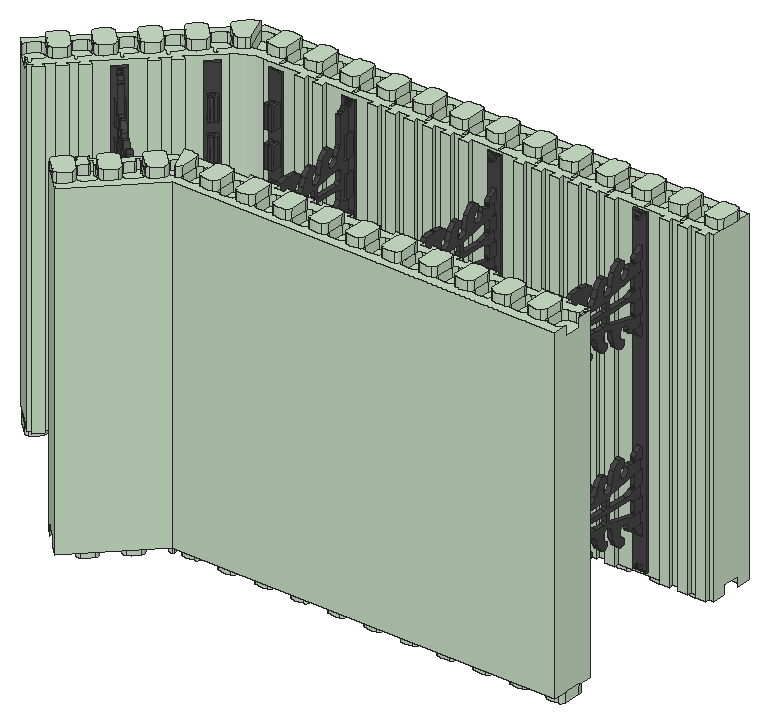
Revit family "ICF- NUDURA 8-inch- 45 Degree Form Unit- Imperial", category Generic Models, Revit 2011 (continued)
Forms (in)
  Extrusion 49, void
    sketch origin (9.58579, -1, 0) x (-0.707107, -0.707107, 0) y (0.707107, -0.707107, 0)
      loop
        arc (-1.7399, 7.12384) -> (-1.64938, 7.14456) -> (-1.57267, 7.19688) r 0.25
        line (-1.57267, 7.19688) -> (-0.92131, 7.84824)
        arc (-0.92131, 7.84824) -> (-0.85114, 7.98608) -> (-0.87549, 8.13883) r 0.25
        arc (-0.87549, 8.13883) -> (-1.07021, 8.40645) -> (-1.33783, 8.60117) r 1.0625
    from 0 to 0.5
  Extrusion 50, void
    sketch origin (11.58579, -1, 0) x (-0.707107, -0.707107, 0) y (0.707107, -0.707107, 0)
      loop
        arc (-1.33783, 8.60117) -> (-1.49058, 8.62552) -> (-1.62842, 8.55535) r 0.25
        line (-1.62842, 8.55535) -> (-2.27978, 7.90399)
        arc (-2.27978, 7.90399) -> (-2.34995, 7.76615) -> (-2.32559, 7.6134) r 0.25
        arc (-2.32559, 7.6134) -> (-2.18471, 7.40379) -> (-1.99833, 7.23335) r 1.0625
        arc (-1.99833, 7.23335) -> (-1.97244, 7.18765) -> (-1.99053, 7.13835) r 0.0625
        line (-1.99053, 7.13835) -> (-2.14723, 6.98165) -> (-2.02643, 6.86086) -> (-1.78171, 7.10558)
        arc (-1.78171, 7.10558) -> (-1.76253, 7.11866) -> (-1.7399, 7.12384) r 0.0625
        arc (-1.7399, 7.12384) -> (-1.64938, 7.14456) -> (-1.57267, 7.19688) r 0.25
        line (-1.57267, 7.19688) -> (-0.92131, 7.84824)
        arc (-0.92131, 7.84824) -> (-0.85114, 7.98608) -> (-0.87549, 8.13883) r 0.25
        arc (-0.87549, 8.13883) -> (-1.07021, 8.40645) -> (-1.33783, 8.60117) r 1.0625
    from 0 to 0.5
  Extrusion 51, void
    sketch origin (13.58579, -1, 0) x (-0.707107, -0.707107, 0) y (0.707107, -0.707107, 0)
      loop
        arc (-1.33783, 8.60117) -> (-1.49058, 8.62552) -> (-1.62842, 8.55535) r 0.25
        line (-1.62842, 8.55535) -> (-2.27978, 7.90399)
        arc (-2.27978, 7.90399) -> (-2.34995, 7.76615) -> (-2.32559, 7.6134) r 0.25
        arc (-2.32559, 7.6134) -> (-2.18471, 7.40379) -> (-1.99833, 7.23335) r 1.0625
        arc (-1.99833, 7.23335) -> (-1.97244, 7.18765) -> (-1.99053, 7.13835) r 0.0625
        line (-1.99053, 7.13835) -> (-2.14723, 6.98165) -> (-2.02643, 6.86086) -> (-1.78171, 7.10558)
        arc (-1.78171, 7.10558) -> (-1.76253, 7.11866) -> (-1.7399, 7.12384) r 0.0625
        arc (-1.7399, 7.12384) -> (-1.64938, 7.14456) -> (-1.57267, 7.19688) r 0.25
        line (-1.57267, 7.19688) -> (-0.92131, 7.84824)
        arc (-0.92131, 7.84824) -> (-0.85114, 7.98608) -> (-0.87549, 8.13883) r 0.25
        arc (-0.87549, 8.13883) -> (-1.07021, 8.40645) -> (-1.33783, 8.60117) r 1.0625
    from 0 to 0.5
  Extrusion 52, void
    sketch origin (15.58579, -1, 0) x (-0.707107, -0.707107, 0) y (0.707107, -0.707107, 0)
      loop
        arc (-1.33783, 8.60117) -> (-1.49058, 8.62552) -> (-1.62842, 8.55535) r 0.25
        line (-1.62842, 8.55535) -> (-2.27978, 7.90399)
        arc (-2.27978, 7.90399) -> (-2.34995, 7.76615) -> (-2.32559, 7.6134) r 0.25
        arc (-2.32559, 7.6134) -> (-2.18471, 7.40379) -> (-1.99833, 7.23335) r 1.0625
        arc (-1.99833, 7.23335) -> (-1.97244, 7.18765) -> (-1.99053, 7.13835) r 0.0625
        line (-1.99053, 7.13835) -> (-2.14723, 6.98165) -> (-2.02643, 6.86086) -> (-1.78171, 7.10558)
        arc (-1.78171, 7.10558) -> (-1.76253, 7.11866) -> (-1.7399, 7.12384) r 0.0625
        arc (-1.7399, 7.12384) -> (-1.64938, 7.14456) -> (-1.57267, 7.19688) r 0.25
        line (-1.57267, 7.19688) -> (-0.92131, 7.84824)
        arc (-0.92131, 7.84824) -> (-0.85114, 7.98608) -> (-0.87549, 8.13883) r 0.25
        arc (-0.87549, 8.13883) -> (-1.07021, 8.40645) -> (-1.33783, 8.60117) r 1.0625
    from 0 to 0.5
  Extrusion 53, void
    sketch origin (29.98781, 1, 0) x (0.707107, 0.707107, 0) y (-0.707107, 0.707107, 0)
      loop
        arc (-1.33783, 8.60117) -> (-1.49058, 8.62552) -> (-1.62842, 8.55535) r 0.25
        line (-1.62842, 8.55535) -> (-2.27978, 7.90399)
        arc (-2.27978, 7.90399) -> (-2.34995, 7.76615) -> (-2.32559, 7.6134) r 0.25
        arc (-2.32559, 7.6134) -> (-2.18471, 7.40379) -> (-1.99833, 7.23335) r 1.0625
        arc (-1.99833, 7.23335) -> (-1.97244, 7.18765) -> (-1.99053, 7.13835) r 0.0625
        line (-1.99053, 7.13835) -> (-2.14723, 6.98165) -> (-2.02643, 6.86086) -> (-1.78171, 7.10558)
        arc (-1.78171, 7.10558) -> (-1.76253, 7.11866) -> (-1.7399, 7.12384) r 0.0625
        arc (-1.7399, 7.12384) -> (-1.64938, 7.14456) -> (-1.57267, 7.19688) r 0.25
        line (-1.57267, 7.19688) -> (-0.92131, 7.84824)
        arc (-0.92131, 7.84824) -> (-0.85114, 7.98608) -> (-0.87549, 8.13883) r 0.25
        arc (-0.87549, 8.13883) -> (-1.07021, 8.40645) -> (-1.33783, 8.60117) r 1.0625
    from 0 to 0.5
  Extrusion 54, void
    sketch origin (27.98781, 1, 0) x (0.707107, 0.707107, 0) y (-0.707107, 0.707107, 0)
      loop
        arc (-1.33783, 8.60117) -> (-1.49058, 8.62552) -> (-1.62842, 8.55535) r 0.25
        line (-1.62842, 8.55535) -> (-2.27978, 7.90399)
        arc (-2.27978, 7.90399) -> (-2.34995, 7.76615) -> (-2.32559, 7.6134) r 0.25
        arc (-2.32559, 7.6134) -> (-2.18471, 7.40379) -> (-1.99833, 7.23335) r 1.0625
        arc (-1.99833, 7.23335) -> (-1.97244, 7.18765) -> (-1.99053, 7.13835) r 0.0625
        line (-1.99053, 7.13835) -> (-2.14723, 6.98165) -> (-2.02643, 6.86086) -> (-1.78171, 7.10558)
        arc (-1.78171, 7.10558) -> (-1.76253, 7.11866) -> (-1.7399, 7.12384) r 0.0625
        arc (-1.7399, 7.12384) -> (-1.64938, 7.14456) -> (-1.57267, 7.19688) r 0.25
        line (-1.57267, 7.19688) -> (-0.92131, 7.84824)
        arc (-0.92131, 7.84824) -> (-0.85114, 7.98608) -> (-0.87549, 8.13883) r 0.25
        arc (-0.87549, 8.13883) -> (-1.07021, 8.40645) -> (-1.33783, 8.60117) r 1.0625
    from 0 to 0.5
  Extrusion 55, void
    sketch origin (25.98781, 1, 0) x (0.707107, 0.707107, 0) y (-0.707107, 0.707107, 0)
      loop
        arc (-1.33783, 8.60117) -> (-1.49058, 8.62552) -> (-1.62842, 8.55535) r 0.25
        line (-1.62842, 8.55535) -> (-2.27978, 7.90399)
        arc (-2.27978, 7.90399) -> (-2.34995, 7.76615) -> (-2.32559, 7.6134) r 0.25
        arc (-2.32559, 7.6134) -> (-2.18471, 7.40379) -> (-1.99833, 7.23335) r 1.0625
        arc (-1.99833, 7.23335) -> (-1.97244, 7.18765) -> (-1.99053, 7.13835) r 0.0625
        line (-1.99053, 7.13835) -> (-2.14723, 6.98165) -> (-2.02643, 6.86086) -> (-1.78171, 7.10558)
        arc (-1.78171, 7.10558) -> (-1.76253, 7.11866) -> (-1.7399, 7.12384) r 0.0625
        arc (-1.7399, 7.12384) -> (-1.64938, 7.14456) -> (-1.57267, 7.19688) r 0.25
        line (-1.57267, 7.19688) -> (-0.92131, 7.84824)
        arc (-0.92131, 7.84824) -> (-0.85114, 7.98608) -> (-0.87549, 8.13883) r 0.25
        arc (-0.87549, 8.13883) -> (-1.07021, 8.40645) -> (-1.33783, 8.60117) r 1.0625
    from 0 to 0.5
  Extrusion 56, void
    sketch origin (23.98781, 1, 0) x (0.707107, 0.707107, 0) y (-0.707107, 0.707107, 0)
      loop
        arc (-1.33783, 8.60117) -> (-1.49058, 8.62552) -> (-1.62842, 8.55535) r 0.25
        line (-1.62842, 8.55535) -> (-2.27978, 7.90399)
        arc (-2.27978, 7.90399) -> (-2.34995, 7.76615) -> (-2.32559, 7.6134) r 0.25
        arc (-2.32559, 7.6134) -> (-2.18471, 7.40379) -> (-1.99833, 7.23335) r 1.0625
        arc (-1.99833, 7.23335) -> (-1.97244, 7.18765) -> (-1.99053, 7.13835) r 0.0625
        line (-1.99053, 7.13835) -> (-2.14723, 6.98165) -> (-2.02643, 6.86086) -> (-1.78171, 7.10558)
        arc (-1.78171, 7.10558) -> (-1.76253, 7.11866) -> (-1.7399, 7.12384) r 0.0625
        arc (-1.7399, 7.12384) -> (-1.64938, 7.14456) -> (-1.57267, 7.19688) r 0.25
        line (-1.57267, 7.19688) -> (-0.92131, 7.84824)
        arc (-0.92131, 7.84824) -> (-0.85114, 7.98608) -> (-0.87549, 8.13883) r 0.25
        arc (-0.87549, 8.13883) -> (-1.07021, 8.40645) -> (-1.33783, 8.60117) r 1.0625
    from 0 to 0.5
  Extrusion 57, void
    sketch origin (21.98781, 1, 0) x (0.707107, 0.707107, 0) y (-0.707107, 0.707107, 0)
      loop
        arc (-1.33783, 8.60117) -> (-1.49058, 8.62552) -> (-1.62842, 8.55535) r 0.25
        line (-1.62842, 8.55535) -> (-2.27978, 7.90399)
        arc (-2.27978, 7.90399) -> (-2.34995, 7.76615) -> (-2.32559, 7.6134) r 0.25
        arc (-2.32559, 7.6134) -> (-2.18471, 7.40379) -> (-1.99833, 7.23335) r 1.0625
        arc (-1.99833, 7.23335) -> (-1.97244, 7.18765) -> (-1.99053, 7.13835) r 0.0625
        line (-1.99053, 7.13835) -> (-2.14723, 6.98165) -> (-2.02643, 6.86086) -> (-1.78171, 7.10558)
        arc (-1.78171, 7.10558) -> (-1.76253, 7.11866) -> (-1.7399, 7.12384) r 0.0625
        arc (-1.7399, 7.12384) -> (-1.64938, 7.14456) -> (-1.57267, 7.19688) r 0.25
        line (-1.57267, 7.19688) -> (-0.92131, 7.84824)
        arc (-0.92131, 7.84824) -> (-0.85114, 7.98608) -> (-0.87549, 8.13883) r 0.25
        arc (-0.87549, 8.13883) -> (-1.07021, 8.40645) -> (-1.33783, 8.60117) r 1.0625
    from 0 to 0.5
  Extrusion 58, void
    sketch origin (19.98781, 1, 0) x (0.707107, 0.707107, 0) y (-0.707107, 0.707107, 0)
      loop
        arc (-1.33783, 8.60117) -> (-1.49058, 8.62552) -> (-1.62842, 8.55535) r 0.25
        line (-1.62842, 8.55535) -> (-2.27978, 7.90399)
        arc (-2.27978, 7.90399) -> (-2.34995, 7.76615) -> (-2.32559, 7.6134) r 0.25
        arc (-2.32559, 7.6134) -> (-2.18471, 7.40379) -> (-1.99833, 7.23335) r 1.0625
        arc (-1.99833, 7.23335) -> (-1.97244, 7.18765) -> (-1.99053, 7.13835) r 0.0625
        line (-1.99053, 7.13835) -> (-2.14723, 6.98165) -> (-2.02643, 6.86086) -> (-1.78171, 7.10558)
        arc (-1.78171, 7.10558) -> (-1.76253, 7.11866) -> (-1.7399, 7.12384) r 0.0625
        arc (-1.7399, 7.12384) -> (-1.64938, 7.14456) -> (-1.57267, 7.19688) r 0.25
        line (-1.57267, 7.19688) -> (-0.92131, 7.84824)
        arc (-0.92131, 7.84824) -> (-0.85114, 7.98608) -> (-0.87549, 8.13883) r 0.25
        arc (-0.87549, 8.13883) -> (-1.07021, 8.40645) -> (-1.33783, 8.60117) r 1.0625
    from 0 to 0.5
  Extrusion 59, void
    sketch origin (17.98781, 1, 0) x (0.707107, 0.707107, 0) y (-0.707107, 0.707107, 0)
      loop
        arc (-1.33783, 8.60117) -> (-1.49058, 8.62552) -> (-1.62842, 8.55535) r 0.25
        line (-1.62842, 8.55535) -> (-2.27978, 7.90399)
        arc (-2.27978, 7.90399) -> (-2.34995, 7.76615) -> (-2.32559, 7.6134) r 0.25
        arc (-2.32559, 7.6134) -> (-2.18471, 7.40379) -> (-1.99833, 7.23335) r 1.0625
        arc (-1.99833, 7.23335) -> (-1.97244, 7.18765) -> (-1.99053, 7.13835) r 0.0625
        line (-1.99053, 7.13835) -> (-2.14723, 6.98165) -> (-2.02643, 6.86086) -> (-1.78171, 7.10558)
        arc (-1.78171, 7.10558) -> (-1.76253, 7.11866) -> (-1.7399, 7.12384) r 0.0625
        arc (-1.7399, 7.12384) -> (-1.64938, 7.14456) -> (-1.57267, 7.19688) r 0.25
        line (-1.57267, 7.19688) -> (-0.92131, 7.84824)
        arc (-0.92131, 7.84824) -> (-0.85114, 7.98608) -> (-0.87549, 8.13883) r 0.25
        arc (-0.87549, 8.13883) -> (-1.07021, 8.40645) -> (-1.33783, 8.60117) r 1.0625
    from 0 to 0.5
  Extrusion 60, void
    sketch origin (15.98781, 1, 0) x (0.707107, 0.707107, 0) y (-0.707107, 0.707107, 0)
      loop
        arc (-1.33783, 8.60117) -> (-1.49058, 8.62552) -> (-1.62842, 8.55535) r 0.25
        line (-1.62842, 8.55535) -> (-2.27978, 7.90399)
        arc (-2.27978, 7.90399) -> (-2.34995, 7.76615) -> (-2.32559, 7.6134) r 0.25
        arc (-2.32559, 7.6134) -> (-2.18471, 7.40379) -> (-1.99833, 7.23335) r 1.0625
        arc (-1.99833, 7.23335) -> (-1.97244, 7.18765) -> (-1.99053, 7.13835) r 0.0625
        line (-1.99053, 7.13835) -> (-2.14723, 6.98165) -> (-2.02643, 6.86086) -> (-1.78171, 7.10558)
        arc (-1.78171, 7.10558) -> (-1.76253, 7.11866) -> (-1.7399, 7.12384) r 0.0625
        arc (-1.7399, 7.12384) -> (-1.64938, 7.14456) -> (-1.57267, 7.19688) r 0.25
        line (-1.57267, 7.19688) -> (-0.92131, 7.84824)
        arc (-0.92131, 7.84824) -> (-0.85114, 7.98608) -> (-0.87549, 8.13883) r 0.25
        arc (-0.87549, 8.13883) -> (-1.07021, 8.40645) -> (-1.33783, 8.60117) r 1.0625
    from 0 to 0.5
  Extrusion 61, void
    sketch origin (13.98781, 1, 0) x (0.707107, 0.707107, 0) y (-0.707107, 0.707107, 0)
      loop
        arc (-1.33783, 8.60117) -> (-1.49058, 8.62552) -> (-1.62842, 8.55535) r 0.25
        line (-1.62842, 8.55535) -> (-2.27978, 7.90399)
        arc (-2.27978, 7.90399) -> (-2.34995, 7.76615) -> (-2.32559, 7.6134) r 0.25
        arc (-2.32559, 7.6134) -> (-2.18471, 7.40379) -> (-1.99833, 7.23335) r 1.0625
        arc (-1.99833, 7.23335) -> (-1.97244, 7.18765) -> (-1.99053, 7.13835) r 0.0625
        line (-1.99053, 7.13835) -> (-2.14723, 6.98165) -> (-2.02643, 6.86086) -> (-1.78171, 7.10558)
        arc (-1.78171, 7.10558) -> (-1.76253, 7.11866) -> (-1.7399, 7.12384) r 0.0625
        arc (-1.7399, 7.12384) -> (-1.64938, 7.14456) -> (-1.57267, 7.19688) r 0.25
        line (-1.57267, 7.19688) -> (-0.92131, 7.84824)
        arc (-0.92131, 7.84824) -> (-0.85114, 7.98608) -> (-0.87549, 8.13883) r 0.25
        arc (-0.87549, 8.13883) -> (-1.07021, 8.40645) -> (-1.33783, 8.60117) r 1.0625
    from 0 to 0.5
  Extrusion 62, void
    sketch origin (11.98781, 1, 0) x (0.707107, 0.707107, 0) y (-0.707107, 0.707107, 0)
      loop
        arc (-1.33783, 8.60117) -> (-1.49058, 8.62552) -> (-1.62842, 8.55535) r 0.25
        line (-1.62842, 8.55535) -> (-2.27978, 7.90399)
        arc (-2.27978, 7.90399) -> (-2.34995, 7.76615) -> (-2.32559, 7.6134) r 0.25
        arc (-2.32559, 7.6134) -> (-2.18471, 7.40379) -> (-1.99833, 7.23335) r 1.0625
        arc (-1.99833, 7.23335) -> (-1.97244, 7.18765) -> (-1.99053, 7.13835) r 0.0625
        line (-1.99053, 7.13835) -> (-2.14723, 6.98165) -> (-2.02643, 6.86086) -> (-1.78171, 7.10558)
        arc (-1.78171, 7.10558) -> (-1.76253, 7.11866) -> (-1.7399, 7.12384) r 0.0625
        arc (-1.7399, 7.12384) -> (-1.64938, 7.14456) -> (-1.57267, 7.19688) r 0.25
        line (-1.57267, 7.19688) -> (-0.92131, 7.84824)
        arc (-0.92131, 7.84824) -> (-0.85114, 7.98608) -> (-0.87549, 8.13883) r 0.25
        arc (-0.87549, 8.13883) -> (-1.07021, 8.40645) -> (-1.33783, 8.60117) r 1.0625
    from 0 to 0.5
  Extrusion 63, void
    sketch origin (9.98781, 1, 0) x (0.707107, 0.707107, 0) y (-0.707107, 0.707107, 0)
      loop
        arc (-1.33783, 8.60117) -> (-1.49058, 8.62552) -> (-1.62842, 8.55535) r 0.25
        line (-1.62842, 8.55535) -> (-2.27978, 7.90399)
        arc (-2.27978, 7.90399) -> (-2.34995, 7.76615) -> (-2.32559, 7.6134) r 0.25
        arc (-2.32559, 7.6134) -> (-2.18471, 7.40379) -> (-1.99833, 7.23335) r 1.0625
        arc (-1.99833, 7.23335) -> (-1.97244, 7.18765) -> (-1.99053, 7.13835) r 0.0625
        line (-1.99053, 7.13835) -> (-2.14723, 6.98165) -> (-2.02643, 6.86086) -> (-1.78171, 7.10558)
        arc (-1.78171, 7.10558) -> (-1.76253, 7.11866) -> (-1.7399, 7.12384) r 0.0625
        arc (-1.7399, 7.12384) -> (-1.64938, 7.14456) -> (-1.57267, 7.19688) r 0.25
        line (-1.57267, 7.19688) -> (-0.92131, 7.84824)
        arc (-0.92131, 7.84824) -> (-0.85114, 7.98608) -> (-0.87549, 8.13883) r 0.25
        arc (-0.87549, 8.13883) -> (-1.07021, 8.40645) -> (-1.33783, 8.60117) r 1.0625
    from 0 to 0.5
  Extrusion 64, void
    sketch origin (7.98781, 1, 0) x (0.707107, 0.707107, 0) y (-0.707107, 0.707107, 0)
      loop
        arc (-1.33783, 8.60117) -> (-1.49058, 8.62552) -> (-1.62842, 8.55535) r 0.25
        line (-1.62842, 8.55535) -> (-2.27978, 7.90399)
        arc (-2.27978, 7.90399) -> (-2.34995, 7.76615) -> (-2.32559, 7.6134) r 0.25
        arc (-2.32559, 7.6134) -> (-2.18471, 7.40379) -> (-1.99833, 7.23335) r 1.0625
        arc (-1.99833, 7.23335) -> (-1.97244, 7.18765) -> (-1.99053, 7.13835) r 0.0625
        line (-1.99053, 7.13835) -> (-2.14723, 6.98165) -> (-2.02643, 6.86086) -> (-1.78171, 7.10558)
        arc (-1.78171, 7.10558) -> (-1.76253, 7.11866) -> (-1.7399, 7.12384) r 0.0625
        arc (-1.7399, 7.12384) -> (-1.64938, 7.14456) -> (-1.57267, 7.19688) r 0.25
        line (-1.57267, 7.19688) -> (-0.92131, 7.84824)
        arc (-0.92131, 7.84824) -> (-0.85114, 7.98608) -> (-0.87549, 8.13883) r 0.25
        arc (-0.87549, 8.13883) -> (-1.07021, 8.40645) -> (-1.33783, 8.60117) r 1.0625
    from 0 to 0.5
  Extrusion 65, void
    sketch origin (5.98781, 1, 0) x (0.707107, 0.707107, 0) y (-0.707107, 0.707107, 0)
      loop
        arc (-1.33783, 8.60117) -> (-1.49058, 8.62552) -> (-1.62842, 8.55535) r 0.25
        line (-1.62842, 8.55535) -> (-2.27978, 7.90399)
        arc (-2.27978, 7.90399) -> (-2.34995, 7.76615) -> (-2.32559, 7.6134) r 0.25
        arc (-2.32559, 7.6134) -> (-2.18471, 7.40379) -> (-1.99833, 7.23335) r 1.0625
        arc (-1.99833, 7.23335) -> (-1.97244, 7.18765) -> (-1.99053, 7.13835) r 0.0625
        line (-1.99053, 7.13835) -> (-2.14723, 6.98165) -> (-2.02643, 6.86086) -> (-1.78171, 7.10558)
        arc (-1.78171, 7.10558) -> (-1.76253, 7.11866) -> (-1.7399, 7.12384) r 0.0625
        arc (-1.7399, 7.12384) -> (-1.64938, 7.14456) -> (-1.57267, 7.19688) r 0.25
        line (-1.57267, 7.19688) -> (-0.92131, 7.84824)
        arc (-0.92131, 7.84824) -> (-0.85114, 7.98608) -> (-0.87549, 8.13883) r 0.25
        arc (-0.87549, 8.13883) -> (-1.07021, 8.40645) -> (-1.33783, 8.60117) r 1.0625
    from 0 to 0.5
  Extrusion 66, void
    sketch origin (3.82843, 5.24264, 0) x (0, 1, 0) y (-1, 0, 0)
      loop
        arc (-1.33783, 8.60117) -> (-1.49058, 8.62552) -> (-1.62842, 8.55535) r 0.25
        line (-1.62842, 8.55535) -> (-2.27978, 7.90399)
        arc (-2.27978, 7.90399) -> (-2.34995, 7.76615) -> (-2.32559, 7.6134) r 0.25
        arc (-2.32559, 7.6134) -> (-2.18471, 7.40379) -> (-1.99833, 7.23335) r 1.0625
        arc (-1.99833, 7.23335) -> (-1.97244, 7.18765) -> (-1.99053, 7.13835) r 0.0625
        line (-1.99053, 7.13835) -> (-2.14723, 6.98165) -> (-2.02643, 6.86086) -> (-1.78171, 7.10558)
        arc (-1.78171, 7.10558) -> (-1.76253, 7.11866) -> (-1.7399, 7.12384) r 0.0625
        arc (-1.7399, 7.12384) -> (-1.64938, 7.14456) -> (-1.57267, 7.19688) r 0.25
        line (-1.57267, 7.19688) -> (-0.92131, 7.84824)
        arc (-0.92131, 7.84824) -> (-0.85114, 7.98608) -> (-0.87549, 8.13883) r 0.25
        arc (-0.87549, 8.13883) -> (-1.07021, 8.40645) -> (-1.33783, 8.60117) r 1.0625
    from 0 to 0.5
  Extrusion 67, void
    sketch origin (2.41421, 3.82843, 0) x (0, 1, 0) y (-1, 0, 0)
      loop
        arc (-1.33783, 8.60117) -> (-1.49058, 8.62552) -> (-1.62842, 8.55535) r 0.25
        line (-1.62842, 8.55535) -> (-2.27978, 7.90399)
        arc (-2.27978, 7.90399) -> (-2.34995, 7.76615) -> (-2.32559, 7.6134) r 0.25
        arc (-2.32559, 7.6134) -> (-2.18471, 7.40379) -> (-1.99833, 7.23335) r 1.0625
        arc (-1.99833, 7.23335) -> (-1.97244, 7.18765) -> (-1.99053, 7.13835) r 0.0625
        line (-1.99053, 7.13835) -> (-2.14723, 6.98165) -> (-2.02643, 6.86086) -> (-1.78171, 7.10558)
        arc (-1.78171, 7.10558) -> (-1.76253, 7.11866) -> (-1.7399, 7.12384) r 0.0625
        arc (-1.7399, 7.12384) -> (-1.64938, 7.14456) -> (-1.57267, 7.19688) r 0.25
        line (-1.57267, 7.19688) -> (-0.92131, 7.84824)
        arc (-0.92131, 7.84824) -> (-0.85114, 7.98608) -> (-0.87549, 8.13883) r 0.25
        arc (-0.87549, 8.13883) -> (-1.07021, 8.40645) -> (-1.33783, 8.60117) r 1.0625
    from 0 to 0.5
  Extrusion 68, void
    sketch origin (1, 2.41421, 0) x (0, 1, 0) y (-1, 0, 0)
      loop
        arc (-1.33783, 8.60117) -> (-1.49058, 8.62552) -> (-1.62842, 8.55535) r 0.25
        line (-1.62842, 8.55535) -> (-2.27978, 7.90399)
        arc (-2.27978, 7.90399) -> (-2.34995, 7.76615) -> (-2.32559, 7.6134) r 0.25
        arc (-2.32559, 7.6134) -> (-2.18471, 7.40379) -> (-1.99833, 7.23335) r 1.0625
        arc (-1.99833, 7.23335) -> (-1.97244, 7.18765) -> (-1.99053, 7.13835) r 0.0625
        line (-1.99053, 7.13835) -> (-2.14723, 6.98165) -> (-2.02643, 6.86086) -> (-1.78171, 7.10558)
        arc (-1.78171, 7.10558) -> (-1.76253, 7.11866) -> (-1.7399, 7.12384) r 0.0625
        arc (-1.7399, 7.12384) -> (-1.64938, 7.14456) -> (-1.57267, 7.19688) r 0.25
        line (-1.57267, 7.19688) -> (-0.92131, 7.84824)
        arc (-0.92131, 7.84824) -> (-0.85114, 7.98608) -> (-0.87549, 8.13883) r 0.25
        arc (-0.87549, 8.13883) -> (-1.07021, 8.40645) -> (-1.33783, 8.60117) r 1.0625
    from 0 to 0.5
  Extrusion 69, void
    sketch origin (-0.41421, 1, 0) x (0, 1, 0) y (-1, 0, 0)
      loop
        arc (-1.33783, 8.60117) -> (-1.49058, 8.62552) -> (-1.62842, 8.55535) r 0.25
        line (-1.62842, 8.55535) -> (-2.27978, 7.90399)
        arc (-2.27978, 7.90399) -> (-2.34995, 7.76615) -> (-2.32559, 7.6134) r 0.25
        arc (-2.32559, 7.6134) -> (-2.18471, 7.40379) -> (-1.99833, 7.23335) r 1.0625
        arc (-1.99833, 7.23335) -> (-1.97244, 7.18765) -> (-1.99053, 7.13835) r 0.0625
        line (-1.99053, 7.13835) -> (-2.14723, 6.98165) -> (-2.02643, 6.86086) -> (-1.78171, 7.10558)
        arc (-1.78171, 7.10558) -> (-1.76253, 7.11866) -> (-1.7399, 7.12384) r 0.0625
        arc (-1.7399, 7.12384) -> (-1.64938, 7.14456) -> (-1.57267, 7.19688) r 0.25
        line (-1.57267, 7.19688) -> (-0.92131, 7.84824)
        arc (-0.92131, 7.84824) -> (-0.85114, 7.98608) -> (-0.87549, 8.13883) r 0.25
        arc (-0.87549, 8.13883) -> (-1.07021, 8.40645) -> (-1.33783, 8.60117) r 1.0625
    from 0 to 0.5
Cuts and joins
  Extrusion 6, Extrusion 7, Extrusion 8, Extrusion 9, Extrusion 10, Extrusion 11, Extrusion 12, Extrusion 13, Extrusion 14, Extrusion 15, Extrusion 16, Extrusion 17, Extrusion 18, Extrusion 19, Extrusion 20, Extrusion 21, Extrusion 22, Extrusion 23, Extrusion 24, Extrusion 25, Extrusion 26, Extrusion 27, Extrusion 28, Extrusion 29, Extrusion 30, Extrusion 31, Extrusion 32, Extrusion 33, Extrusion 34, Extrusion 35, Extrusion 36, Extrusion 37, Extrusion 38, Extrusion 39, Extrusion 40, Extrusion 41, Extrusion 42, Extrusion 43, Extrusion 44, Extrusion 45, Extrusion 46, Extrusion 47, Extrusion 48, Extrusion 49, Extrusion 50, Extrusion 51, Extrusion 52, Extrusion 53, Extrusion 54, Extrusion 55, Extrusion 56, Extrusion 57, Extrusion 58, Extrusion 59, Extrusion 60, Extrusion 61, Extrusion 62, Extrusion 63, Extrusion 64, Extrusion 65, Extrusion 66, Extrusion 67, Extrusion 68, Extrusion 69 cuts Extrusion 1
  Extrusion 9, Extrusion 36 cuts Extrusion 2
  Extrusion 35, Extrusion 37 cuts Extrusion 3
  Extrusion 38, Extrusion 43 cuts Extrusion 5
  Extrusion 39, Extrusion 65, Extrusion 66 cuts Extrusion 4
Lines and regions (in)
  model lines
    curve 1: line (7.7868, 6.625, 18) -> (7.7868, 6.625, 0)
Dimensions and locks (in)
  locked: plane 5 to plane 4 at 8
  locked: plane 8 to plane 6 at 8
  locked: level to plane 9 at 18
  aligned and locked: plane 9 to Extrusion 1
  aligned and locked: Extrusion 1 to plane 9  (x3)
  aligned and locked: Extrusion 1 to level
  aligned and locked: plane 2 to level
  aligned and locked: level to Extrusion 1  (x2)
  aligned and locked: nested 68 to cut or joined group 1 (Extrusion 1, Extrusion 6, Extrusion 7, Extrusion 8, Extrusion 9, Extrusion 10, Extrusion 11, Extrusion 12, Extrusion 13, Extrusion 14, Extrusion 15, Extrusion 16, Extrusion 17, Extrusion 18, Extrusion 19, Extrusion 20, Extrusion 21, Extrusion 22, Extrusion 23, Extrusion 24, Extrusion 25, Extrusion 26, Extrusion 27, Extrusion 28, Extrusion 29, Extrusion 30, Extrusion 31, Extrusion 32, Extrusion 33, Extrusion 34, Extrusion 35, Extrusion 36, Extrusion 37, Extrusion 38, Extrusion 39, Extrusion 40, Extrusion 41, Extrusion 42, Extrusion 43, Extrusion 44, Extrusion 45, Extrusion 46, Extrusion 47, Extrusion 48, Extrusion 49, Extrusion 50, Extrusion 51, Extrusion 52, Extrusion 53, Extrusion 54, Extrusion 55, Extrusion 56, Extrusion 57, Extrusion 58, Extrusion 59, Extrusion 60, Extrusion 61, Extrusion 62, Extrusion 63, Extrusion 64, Extrusion 65, Extrusion 66, Extrusion 67, Extrusion 68, Extrusion 69)
  aligned and locked: cut or joined group 1 to nested 69
  aligned and locked: cut or joined group 1 to nested 70
  aligned and locked: nested 71 to nested 67
  aligned and locked: nested 72 to cut or joined group 1
  aligned and locked: Extrusion 36 sketch curve to cut or joined group of Extrusion 2, Extrusion 9, Extrusion 36
  aligned and locked: Extrusion 5 sketch curve to cut or joined group of Extrusion 2, Extrusion 9, Extrusion 36
  aligned and locked: Extrusion 38 sketch curve to cut or joined group of Extrusion 2, Extrusion 9, Extrusion 36
  aligned and locked: nested 64 to nested 68
  aligned and locked: nested 69 to nested 66
  aligned and locked: nested 67 to cut or joined group 1
  aligned and locked: nested 62 to cut or joined group 1
  aligned and locked: nested 61 to cut or joined group 1
  aligned and locked: cut or joined group 1 to nested 65
  aligned and locked: cut or joined group 1 to nested 73
  aligned and locked: nested 76 to cut or joined group 1
  aligned and locked: nested 63 to cut or joined group 1
Nested families (in)
  nested 1: "Interlock Tooth" at (21.7868, -1, 0), type "Interlock Tooth"
  nested 2: "Interlock Tooth" at (19.7868, -1, 0), type "Interlock Tooth"
  nested 3: "Interlock Tooth" at (17.7868, -1, 0), type "Interlock Tooth"
  nested 4: "Interlock Tooth" at (15.7868, -1, 0), type "Interlock Tooth"
  nested 5: "Interlock Tooth" at (13.7868, -1, 0), type "Interlock Tooth"
  nested 6: "Interlock Tooth" at (11.7868, -1, 0), type "Interlock Tooth"
  nested 7: "Interlock Tooth" at (9.7868, -1, 0), type "Interlock Tooth"
  nested 8: "Interlock Tooth" at (7.7868, -1, 0), type "Interlock Tooth"
  nested 9: "Interlock Tooth" at (5.7868, -1, 0), type "Interlock Tooth"
  nested 10: "Interlock Tooth" at (3.7868, -1, 0), type "Interlock Tooth"
  nested 11: "Interlock Tooth" at (-1.97056, -3.38478, 0) x (0.7071, 0.7071, 0) z (0, 0, 1), type "Interlock Tooth"
  nested 12: "Interlock Tooth" at (-3.38478, -4.79899, 0) x (0.7071, 0.7071, 0) z (0, 0, 1), type "Interlock Tooth"
  nested 13: "Interlock Tooth" at (-4.79899, -6.2132, 0) x (0.7071, 0.7071, 0) z (0, 0, 1), type "Interlock Tooth"
  nested 14: "Interlock Tooth" at (22.7868, 1, 0), type "Interlock Tooth"
  nested 15: "Interlock Tooth" at (20.7868, 1, 0), type "Interlock Tooth"
  nested 16: "Interlock Tooth" at (18.7868, 1, 0), type "Interlock Tooth"
  nested 17: "Interlock Tooth" at (16.7868, 1, 0), type "Interlock Tooth"
  nested 18: "Interlock Tooth" at (14.7868, 1, 0), type "Interlock Tooth"
  nested 19: "Interlock Tooth" at (12.7868, 1, 0), type "Interlock Tooth"
  nested 20: "Interlock Tooth" at (10.7868, 1, 0), type "Interlock Tooth"
  nested 21: "Interlock Tooth" at (8.7868, 1, 0), type "Interlock Tooth"
  nested 22: "Interlock Tooth" at (6.7868, 1, 0), type "Interlock Tooth"
  nested 23: "Interlock Tooth" at (4.7868, 1, 0), type "Interlock Tooth"
  nested 24: "Interlock Tooth" at (2.7868, 1, 0), type "Interlock Tooth"
  nested 25: "Interlock Tooth" at (0.7868, 1, 0), type "Interlock Tooth"
  nested 26: "Interlock Tooth" at (-1.2132, 1, 0), type "Interlock Tooth"
  nested 27: "Interlock Tooth" at (-1.26346, 0.15076, 0) x (0.7071, 0.7071, 0) z (0, 0, 1), type "Interlock Tooth"
  nested 28: "Interlock Tooth" at (-2.67767, -1.26346, 0) x (0.7071, 0.7071, 0) z (0, 0, 1), type "Interlock Tooth"
  nested 29: "Interlock Tooth" at (-4.09188, -2.67767, 0) x (0.7071, 0.7071, 0) z (0, 0, 1), type "Interlock Tooth"
  nested 30: "Interlock Tooth" at (-5.5061, -4.09188, 0) x (0.7071, 0.7071, 0) z (0, 0, 1), type "Interlock Tooth"
  nested 31: "Interlock Tooth" at (-4.09188, -5.5061, -18.5) x (0.7071, 0.7071, 0) z (0, 0, 1), type "Interlock Tooth"
  nested 32: "Interlock Tooth" at (-2.67767, -4.09188, -18.5) x (0.7071, 0.7071, 0) z (0, 0, 1), type "Interlock Tooth"
  nested 33: "Interlock Tooth" at (-12.48878, 1.47658, -18.5) x (0.7071, 0.7071, 0) z (0, 0, 1), type "Interlock Tooth"
  nested 34: "Interlock Tooth" at (-11.07456, 2.8908, -18.5) x (0.7071, 0.7071, 0) z (0, 0, 1), type "Interlock Tooth"
  nested 35: "Interlock Tooth" at (-9.66035, 4.30501, -18.5) x (0.7071, 0.7071, 0) z (0, 0, 1), type "Interlock Tooth"
  nested 36: "Interlock Tooth" at (-8.24614, 5.71922, -18.5) x (0.7071, 0.7071, 0) z (0, 0, 1), type "Interlock Tooth"
  nested 37: "Interlock Tooth" at (-6.83192, 7.13344, -18.5) x (0.7071, 0.7071, 0) z (0, 0, 1), type "Interlock Tooth"
  nested 38: "Interlock Tooth" at (0.7868, 1, -18.5) x (-1, 0, 0) z (0, 0, 1), type "Interlock Tooth"
  nested 39: "Interlock Tooth" at (2.7868, 1, -18.5) x (-1, 0, 0) z (0, 0, 1), type "Interlock Tooth"
  nested 40: "Interlock Tooth" at (4.7868, 1, -18.5) x (-1, 0, 0) z (0, 0, 1), type "Interlock Tooth"
  nested 41: "Interlock Tooth" at (6.7868, 1, -18.5) x (-1, 0, 0) z (0, 0, 1), type "Interlock Tooth"
  nested 42: "Interlock Tooth" at (8.7868, 1, -18.5) x (-1, 0, 0) z (0, 0, 1), type "Interlock Tooth"
  nested 43: "Interlock Tooth" at (10.7868, 1, -18.5) x (-1, 0, 0) z (0, 0, 1), type "Interlock Tooth"
  nested 44: "Interlock Tooth" at (12.7868, 1, -18.5) x (-1, 0, 0) z (0, 0, 1), type "Interlock Tooth"
  nested 45: "Interlock Tooth" at (14.7868, 1, -18.5) x (-1, 0, 0) z (0, 0, 1), type "Interlock Tooth"
  nested 46: "Interlock Tooth" at (16.7868, 1, -18.5) x (-1, 0, 0) z (0, 0, 1), type "Interlock Tooth"
  nested 47: "Interlock Tooth" at (18.7868, 1, -18.5) x (-1, 0, 0) z (0, 0, 1), type "Interlock Tooth"
  nested 48: "Interlock Tooth" at (20.7868, 1, -18.5) x (-1, 0, 0) z (0, 0, 1), type "Interlock Tooth"
  nested 49: "Interlock Tooth" at (22.7868, 1, -18.5) x (-1, 0, 0) z (0, 0, 1), type "Interlock Tooth"
  nested 50: "Interlock Tooth" at (23.7868, -1, -18.5) x (-1, 0, 0) z (0, 0, 1), type "Interlock Tooth"
  nested 51: "Interlock Tooth" at (21.7868, -1, -18.5) x (-1, 0, 0) z (0, 0, 1), type "Interlock Tooth"
  nested 52: "Interlock Tooth" at (19.7868, -1, -18.5) x (-1, 0, 0) z (0, 0, 1), type "Interlock Tooth"
  nested 53: "Interlock Tooth" at (17.7868, -1, -18.5) x (-1, 0, 0) z (0, 0, 1), type "Interlock Tooth"
  nested 54: "Interlock Tooth" at (15.7868, -1, -18.5) x (-1, 0, 0) z (0, 0, 1), type "Interlock Tooth"
  nested 55: "Interlock Tooth" at (13.7868, -1, -18.5) x (-1, 0, 0) z (0, 0, 1), type "Interlock Tooth"
  nested 56: "Interlock Tooth" at (11.7868, -1, -18.5) x (-1, 0, 0) z (0, 0, 1), type "Interlock Tooth"
  nested 57: "Interlock Tooth" at (9.7868, -1, -18.5) x (-1, 0, 0) z (0, 0, 1), type "Interlock Tooth"
  nested 58: "Interlock Tooth" at (7.7868, -1, -18.5) x (-1, 0, 0) z (0, 0, 1), type "Interlock Tooth"
  nested 59: "Interlock Tooth" at (5.7868, -1, -18.5) x (-1, 0, 0) z (0, 0, 1), type "Interlock Tooth"
  nested 60: "Interlock Tooth" at (3.7868, -1, -18.5) x (-1, 0, 0) z (0, 0, 1), type "Interlock Tooth"
  nested 61: "Capture Lugs" at (-0.2132, 1, 0) x (-1, 0, 0) z (0, 0, 1), type "Capture Lugs"
  nested 62: "Capture Lugs" at (-0.55635, 0.85786, 0) x (-0.7071, -0.7071, 0) z (0, 0, 1), type "Capture Lugs"
  nested 63: "NUDURA Diamond Pattern" at (15.7868, -1, 0), type "NUDURA Diamond Pattern"
  nested 64: "NUDURA Diamond Pattern" at (-0.2132, -1, 0), type "NUDURA Diamond Pattern"
  nested 65: "NUDURA Diamond Pattern" at (15.7868, 1, 0), type "NUDURA Diamond Pattern"
  nested 66: "NUDURA Diamond Pattern" at (7.7868, 1, 0), type "NUDURA Diamond Pattern"
  nested 67: "NUDURA Logo Diamond" at (1.12122, 10.49038, 0) x (-0.7071, -0.7071, 0) z (0, 0, 1), type "NUDURA Logo Diamond"
  nested 68: "NUDURA Logo Diamond" at (-0.21064, -6.625, 0), type "NUDURA Logo Diamond"
  nested 69: "NUDURA Logo Diamond Missing Outside Line" at (15.78423, 6.625, 0) x (-1, 0, 0) z (0, 0, 1), type "NUDURA Logo Diamond without Outside Line"
  nested 70: "NUDURA Diamond Pattern Missing Two Lines" at (-4.2132, 12.25, 0), type "NUDURA Diamond Pattern minus Two lines"
  nested 71: "NUDURA Diamond Pattern Missing Two Lines" at (2.27208, 3.68629, 0) x (-0.7071, -0.7071, 0) z (0, 0, 1), type "NUDURA Diamond Pattern minus Two lines"
  nested 72: "NUDURA Diamond Pattern Missing Two Lines" at (-4.79899, -6.2132, 0) x (0.7071, 0.7071, 0) z (0, 0, 1), type "NUDURA Diamond Pattern minus Two lines"
  nested 73: "8-inch Web" at (19.7868, 0, 0), type "8-inch Web"
  nested 74: "8-inch Web" at (11.7868, 0, 0), type "8-inch Web"
  nested 75: "8-inch Insert Web" at (-2.67767, -2.67767, 0) x (0.7071, 0.7071, 0) z (0, 0, 1), type "8-inch Insert Web"
  nested 76: "8-inch Insert Web" at (3.7868, 0, 0), type "8-inch Insert Web"
Definition of nested family "Interlock Tooth"
  Reference planes (in)
    plane 1 "Center (Front/Back)": y = 0
    plane 2: z = 0
    plane 3 "Center (Left/Right)": x = 0
    plane 4: z = 18
    plane 5: z = 18.5
    plane 6: z = -0.5
  Forms (in)
    Extrusion 1, solid, material "NUDURA Expanded Polystyrene Foam Insulation"
      sketch origin (0, -8.875, 0) x (1, 0, 0) y (0, 1, 0)
        loop
          arc (0, 3.97692) -> (0.04785, 3.82983) -> (0.17308, 3.73905) r 0.25
          arc (0.17308, 3.73905) -> (0.5, 3.6875) -> (0.82692, 3.73905) r 1.0625
          arc (0.82692, 3.73905) -> (0.95215, 3.82983) -> (1, 3.97692) r 0.25
          line (1, 3.97692) -> (1, 4.89808)
          arc (1, 4.89808) -> (0.95215, 5.04517) -> (0.82692, 5.13595) r 0.25
          arc (0.82692, 5.13595) -> (0.5, 5.1875) -> (0.17308, 5.13595) r 1.0625
          arc (0.17308, 5.13595) -> (0.04785, 5.04517) -> (0, 4.89808) r 0.25
          line (0, 4.89808) -> (0, 3.97692)
      from 18 to 18.5
  Dimensions and locks (in)
    locked: plane 4 to level at 18
    locked: plane 4 to plane 5 at 0.5
    locked: plane 6 to level at 0.5
Definition of nested family "Capture Lugs"
  Reference planes (in)
    plane 1 "Center (Front/Back)": y = 0
    plane 2: z = 0
    plane 3 "Center (Left/Right)": x = 0
  Forms (in)
    Extrusion 1, solid, material "High Density Polystyrene"
      sketch origin (0, 0, 0) x (0, 1, 0) y (0, 0, 1)
        loop
          arc (-3.25, 0) -> (-3.22112, 0.01975) -> (-3.21, 0.05292) r 0.055
          line (-3.21, 0.05292) -> (-3.21, 17.69292)
          arc (-3.21, 17.69292) -> (-3.22112, 17.72608) -> (-3.25, 17.74583) r 0.055
          line (-3.25, 17.74583) -> (-3.25, 0)
      from 0.36328 to -0.36328
    Extrusion 2, solid, material "High Density Polystyrene"
      sketch origin (0, 0, 0) x (0, 1, 0) y (0, 0, 1)
        loop
          line (-3.21, 16.17792) -> (-3.21, 14.97792) -> (-2.71, 14.97792) -> (-2.71, 16.17792) -> (-3.21, 16.17792)
        loop
          line (-3.21, 14.22792) -> (-3.21, 13.02792) -> (-2.71, 13.02792) -> (-2.71, 14.22792) -> (-3.21, 14.22792)
        loop
          line (-3.21, 12.27792) -> (-3.21, 11.07792) -> (-2.71, 11.07792) -> (-2.71, 12.27792) -> (-3.21, 12.27792)
        loop
          line (-3.21, 10.32792) -> (-3.21, 9.24792) -> (-2.71, 9.24792) -> (-2.71, 10.32792) -> (-3.21, 10.32792)
        loop
          line (-3.21, 8.49792) -> (-3.21, 7.41792) -> (-2.71, 7.41792) -> (-2.71, 8.49792) -> (-3.21, 8.49792)
        loop
          line (-3.21, 6.66792) -> (-3.21, 5.46792) -> (-2.71, 5.46792) -> (-2.71, 6.66792) -> (-3.21, 6.66792)
        loop
          line (-3.21, 4.71792) -> (-3.21, 3.51792) -> (-2.71, 3.51792) -> (-2.71, 4.71792) -> (-3.21, 4.71792)
        loop
          line (-3.21, 2.76792) -> (-3.21, 1.56792) -> (-2.71, 1.56792) -> (-2.71, 2.76792) -> (-3.21, 2.76792)
      from 0.25 to -0.25
    Extrusion 3, void
      sketch origin (0, 0, 0) x (1, 0, 0) y (0, 1, 0)
        loop
          arc (-0.25, -2.79249) -> (-0.22584, -2.73416) -> (-0.1675, -2.71) r 0.0825
          line (-0.1675, -2.71) -> (-0.25, -2.71) -> (-0.25, -2.79249)
      from 0 to 18
    Extrusion 4, void
      sketch origin (0, 0, 0) x (-1, 0, 0) y (0, -1, 0)
        loop
          line (-0.25, 2.79249) -> (-0.25, 2.71) -> (-0.1675, 2.71)
          arc (-0.1675, 2.71) -> (-0.22584, 2.73416) -> (-0.25, 2.79249) r 0.0825
      from 0 to 18
    Extrusion 5, void
      sketch origin (0, 0, 0) x (1, 0, 0) y (0, 1, 0)
        loop
          arc (-0.04687, -2.835) -> (0, -3.07587) -> (0.04688, -2.835) r 0.125
          line (0.04688, -2.835) -> (0.04688, -2.71) -> (-0.04687, -2.71) -> (-0.04687, -2.835)
      from 0 to 18
  Cuts and joins
    Extrusion 3, Extrusion 4 cuts Extrusion 1
    Extrusion 3, Extrusion 4, Extrusion 5 cuts Extrusion 2
Definition of nested family "8-inch Web"
  Reference planes (in)
    plane 1 "Center (Front/Back)": y = 0
    plane 2: z = 0
    plane 3 "Center (Left/Right)": x = 0
  Forms (in)
    Extrusion 1, solid, material "Polypropylene"
      sketch origin (0, 0, -0.5) x (0, 1, 0) y (0, 0, 1)
        loop
          arc (4.185, 0.98503) -> (4.17874, 0.9705) -> (4.16389, 0.96506) r 0.02
          line (4.16389, 0.96506) -> (4.00611, 0.97383)
          arc (4.00611, 0.97383) -> (3.99126, 0.96839) -> (3.985, 0.95386) r 0.02
          line (3.985, 0.95386) -> (3.985, 0.88265)
          arc (3.985, 0.88265) -> (3.98914, 0.86744) -> (4.00043, 0.85643) r 0.03
          line (4.00043, 0.85643) -> (4.16957, 0.76246)
          arc (4.16957, 0.76246) -> (4.18086, 0.75145) -> (4.185, 0.73624) r 0.03
          line (4.185, 0.73624) -> (4.185, 0.98503)
        loop
          line (-4.185, 0.98503) -> (-4.185, 0.73624)
          arc (-4.185, 0.73624) -> (-4.18086, 0.75145) -> (-4.16957, 0.76246) r 0.03
          line (-4.16957, 0.76246) -> (-4.00043, 0.85643)
          arc (-4.00043, 0.85643) -> (-3.98914, 0.86744) -> (-3.985, 0.88265) r 0.03
          line (-3.985, 0.88265) -> (-3.985, 0.95386)
          arc (-3.985, 0.95386) -> (-3.99126, 0.96839) -> (-4.00611, 0.97383) r 0.02
          line (-4.00611, 0.97383) -> (-4.16389, 0.96506)
          arc (-4.16389, 0.96506) -> (-4.17874, 0.9705) -> (-4.185, 0.98503) r 0.02
        loop
          line (4.02082, 15.41943) -> (4.02082, 15.9194) -> (3.91022, 15.9194) -> (3.91022, 15.98943) -> (4.15332, 15.98943)
          arc (4.15332, 15.98943) -> (4.16974, 15.98724) -> (4.185, 15.98081) r 0.0625
          line (4.185, 15.98081) -> (4.185, 16.6537)
          arc (4.185, 16.6537) -> (4.06705, 16.47067) -> (3.88249, 16.35513) r 0.5
          arc (3.88249, 16.35513) -> (3.7617, 16.26377) -> (3.71582, 16.11943) r 0.25
          line (3.71582, 16.11943) -> (3.71582, 16.05193)
          arc (3.71582, 16.05193) -> (3.73413, 16.00774) -> (3.77832, 15.98943) r 0.0625
          line (3.77832, 15.98943) -> (3.83556, 15.98943) -> (3.83556, 15.9194) -> (3.72137, 15.9194)
          arc (3.72137, 15.9194) -> (3.54907, 15.94401) -> (3.38367, 15.9982) r 0.99729
          arc (3.38367, 15.9982) -> (3.28181, 15.9763) -> (3.25886, 15.87467) r 0.09677
          arc (3.25886, 15.87467) -> (2.80729, 15.53425) -> (2.82496, 16.09948) r 0.31353
          arc (2.82496, 16.09948) -> (2.94751, 16.38546) -> (2.66153, 16.50801) r 0.22
          arc (2.66153, 16.50801) -> (2.42388, 16.35527) -> (2.26931, 16.11881) r 0.67666
          arc (2.26931, 16.11881) -> (2.18004, 15.8095) -> (2.13361, 15.49094) r 2.36477
          arc (2.13361, 15.49094) -> (1.64814, 15.24396) -> (1.68267, 15.78755) r 0.31353
          arc (1.68267, 15.78755) -> (1.7612, 16.07491) -> (1.47916, 16.17081) r 0.21738
          arc (1.47916, 16.17081) -> (1.27447, 16.01742) -> (1.13325, 15.80415) r 0.74993
          line (1.13325, 15.80415) -> (0.99061, 15.41731)
          arc (0.99061, 15.41731) -> (0.48493, 15.24918) -> (0.55907, 15.7769) r 0.31353
          arc (0.55907, 15.7769) -> (0.73529, 16.04091) -> (0.53596, 16.28794) r 0.26801
          arc (0.53596, 16.28794) -> (0.30102, 16.3352) -> (0.06182, 16.35) r 1.75402
          arc (0.06182, 16.35) -> (0.03091, 16.34993) -> (0, 16.34932) r 1.75402
          arc (0, 16.34932) -> (-0.03091, 16.34993) -> (-0.06182, 16.35) r 1.75402
          arc (-0.06182, 16.35) -> (-0.30102, 16.3352) -> (-0.53596, 16.28794) r 1.75402
          arc (-0.53596, 16.28794) -> (-0.73529, 16.04091) -> (-0.55907, 15.7769) r 0.26801
          arc (-0.55907, 15.7769) -> (-0.48493, 15.24918) -> (-0.99061, 15.41731) r 0.31353
          line (-0.99061, 15.41731) -> (-1.13325, 15.80415)
          arc (-1.13325, 15.80415) -> (-1.27447, 16.01742) -> (-1.47916, 16.17081) r 0.74993
          arc (-1.47916, 16.17081) -> (-1.7612, 16.07491) -> (-1.68267, 15.78755) r 0.21738
          arc (-1.68267, 15.78755) -> (-1.64814, 15.24396) -> (-2.13361, 15.49094) r 0.31353
          arc (-2.13361, 15.49094) -> (-2.18004, 15.8095) -> (-2.26931, 16.11881) r 2.36477
          arc (-2.26931, 16.11881) -> (-2.42388, 16.35527) -> (-2.66153, 16.50801) r 0.67666
          arc (-2.66153, 16.50801) -> (-2.94751, 16.38546) -> (-2.82496, 16.09948) r 0.22
          arc (-2.82496, 16.09948) -> (-2.80729, 15.53425) -> (-3.25886, 15.87467) r 0.31353
          arc (-3.25886, 15.87467) -> (-3.28181, 15.9763) -> (-3.38367, 15.9982) r 0.09677
          arc (-3.38367, 15.9982) -> (-3.54907, 15.94401) -> (-3.72137, 15.9194) r 0.99729
          line (-3.72137, 15.9194) -> (-3.83556, 15.9194) -> (-3.83556, 15.98943) -> (-3.77832, 15.98943)
          arc (-3.77832, 15.98943) -> (-3.73413, 16.00774) -> (-3.71582, 16.05193) r 0.0625
          line (-3.71582, 16.05193) -> (-3.71582, 16.11943)
          arc (-3.71582, 16.11943) -> (-3.7617, 16.26377) -> (-3.88249, 16.35513) r 0.25
          arc (-3.88249, 16.35513) -> (-4.06705, 16.47067) -> (-4.185, 16.6537) r 0.5
          line (-4.185, 16.6537) -> (-4.185, 15.98081)
          arc (-4.185, 15.98081) -> (-4.16974, 15.98724) -> (-4.15332, 15.98943) r 0.0625
          line (-4.15332, 15.98943) -> (-3.91022, 15.98943) -> (-3.91022, 15.9194) -> (-4.02082, 15.9194) -> (-4.02082, 15.41943) -> (-3.91022, 15.41943) -> (-3.91022, 15.34943) -> (-4.1225, 15.34943)
          arc (-4.1225, 15.34943) -> (-4.16669, 15.36774) -> (-4.185, 15.41193) r 0.0625
          line (-4.185, 15.41193) -> (-4.185, 14.62693)
          arc (-4.185, 14.62693) -> (-4.16669, 14.67112) -> (-4.1225, 14.68943) r 0.0625
          line (-4.1225, 14.68943) -> (-3.91022, 14.68943) -> (-3.91022, 14.61943) -> (-4.02082, 14.61943) -> (-4.02082, 14.11943) -> (-3.91022, 14.11943) -> (-3.91022, 14.04943) -> (-4.1225, 14.04943)
          arc (-4.1225, 14.04943) -> (-4.16669, 14.06774) -> (-4.185, 14.11193) r 0.0625
          line (-4.185, 14.11193) -> (-4.185, 13.32693)
          arc (-4.185, 13.32693) -> (-4.16669, 13.37112) -> (-4.1225, 13.38943) r 0.0625
          line (-4.1225, 13.38943) -> (-3.91022, 13.38943) -> (-3.91022, 13.31943) -> (-4.02082, 13.31943) -> (-4.02082, 12.81946) -> (-3.91022, 12.81946) -> (-3.91022, 12.74943) -> (-4.1225, 12.74943)
          arc (-4.1225, 12.74943) -> (-4.16669, 12.76774) -> (-4.185, 12.81193) r 0.0625
          line (-4.185, 12.81193) -> (-4.185, 12.21232) -> (-4.11582, 12.21232)
          arc (-4.11582, 12.21232) -> (-4.01183, 12.31528) -> (-3.88249, 12.38373) r 0.5
          arc (-3.88249, 12.38373) -> (-3.7617, 12.47509) -> (-3.71582, 12.61943) r 0.25
          line (-3.71582, 12.61943) -> (-3.71582, 12.68693)
          arc (-3.71582, 12.68693) -> (-3.73413, 12.73112) -> (-3.77832, 12.74943) r 0.0625
          line (-3.77832, 12.74943) -> (-3.83556, 12.74943) -> (-3.83556, 12.81946) -> (-3.72137, 12.81946)
          arc (-3.72137, 12.81946) -> (-3.54907, 12.79485) -> (-3.38367, 12.74066) r 0.99729
          arc (-3.38367, 12.74066) -> (-3.28181, 12.76256) -> (-3.25886, 12.86419) r 0.09677
          arc (-3.25886, 12.86419) -> (-2.80729, 13.20461) -> (-2.82496, 12.63938) r 0.31353
          arc (-2.82496, 12.63938) -> (-2.94751, 12.3534) -> (-2.66153, 12.23085) r 0.22
          arc (-2.66153, 12.23085) -> (-2.42388, 12.38359) -> (-2.26931, 12.62005) r 0.67666
          arc (-2.26931, 12.62005) -> (-2.18004, 12.92936) -> (-2.13361, 13.24792) r 2.36477
          arc (-2.13361, 13.24792) -> (-1.64814, 13.4949) -> (-1.68267, 12.95131) r 0.31353
          arc (-1.68267, 12.95131) -> (-1.7612, 12.66395) -> (-1.47916, 12.56805) r 0.21738
          arc (-1.47916, 12.56805) -> (-1.27447, 12.72144) -> (-1.13325, 12.93471) r 0.74993
          line (-1.13325, 12.93471) -> (-0.99061, 13.32155)
          arc (-0.99061, 13.32155) -> (-0.48493, 13.48968) -> (-0.55907, 12.96196) r 0.31353
          arc (-0.55907, 12.96196) -> (-0.73529, 12.69795) -> (-0.53596, 12.45092) r 0.26801
          arc (-0.53596, 12.45092) -> (-0.30102, 12.40366) -> (-0.06182, 12.38886) r 1.75402
